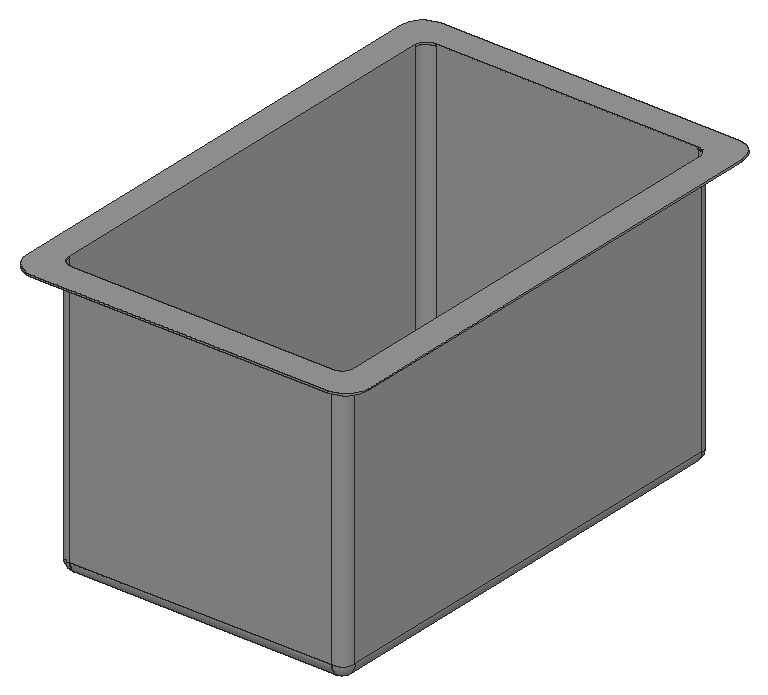
Revit family "BUILDMAT-SNGM021-Jeeves-300-Gunmetal", category Plumbing Fixtures, host Face, Revit 2020
Family settings
  Host = Face
  Round Connector Dimension = Use Diameter
  Part Type = Normal
  Cut with Voids When Loaded = No
  Shared = No
  Room Calculation Point = No
Parameters (values of type "Jeeves 300x450x250mm")
  Width = 250.0 mm
  Undermount [instance] = 0.0 mm
  URL = "https://www.buildmat.com.au/products/jeeves-300x450-skinny-butler-sink"
  Side Sound Pad = no
  Side Brackets = no
  Model = "SN101021"  # constant formula
  Middle Sound Pad = yes
  Middle Bracket = yes
  Manufacturer URL = "https://www.buildmat.com.au/"
  Manufacturer = "BUILDMAT"  # constant formula
  Length = 400.0 mm
  Description = "BUILDMAT - Jeeves 300x450 Single Bowl Sink"  # constant formula
  Depth = 250.0 mm
  Default Elevation = 1219.2 mm
  Created By URL = "https://www.buildmat.com.au/"
  Created By = "BUILDMAT"  # constant formula
  Created = "22.06.2022"  # constant formula
  Material = BUILDMAT Gunmetal
Reference planes
  plane 1 "Center (Front/Back)": y = 0
  plane 2: z = 0
  plane 3 "Center (Left/Right)": x = 0
  plane 4 "Top Substrate": z = 0
  plane 5 "Left": x = -125
  plane 6 "Right": x = 125
  plane 7 "Back": y = 200
  plane 8 "Front": y = -200
  plane 9: x = -150
  plane 10: x = 150
  plane 11: y = -225
  plane 12: y = 225
  plane 13 "Bottom Void": z = -250
  plane 14: z = 1.5
  plane 15: x = -126.5
  plane 16: y = -201.5
  plane 17: x = 126.5
  plane 18: y = 201.5
  plane 19: z = -240
  plane 20: z = -230
  plane 21: x = -115
  plane 22: x = 115
  plane 23: y = -190
  plane 24: y = 190
  plane 25: z = -245
  plane 26: z = -241.5
  plane 27: z = -246.5
  plane 28: x = -100
  plane 29: x = 100
  plane 30 "Sound Pad": z = -130
  plane 31 "Front Bracket": y = -100
  plane 32 "Back Bracket": y = 100
  plane 33: x = -25
  plane 34: x = 25
  plane 35: x = -57
  plane 36: x = 57
  plane 37: x = -45
  plane 38: x = 45
Forms (mm)
  Extrusion 1, void
    sketch origin (0, 0, 0) x (1, 0, 0) y (0, 1, 0)
      loop
        arc (-115, 200) -> (-122.071, 197.071) -> (-125, 190) r 10
        line (-125, 190) -> (-125, -190)
        arc (-125, -190) -> (-122.071, -197.071) -> (-115, -200) r 10
        line (-115, -200) -> (115, -200)
        arc (115, -200) -> (122.071, -197.071) -> (125, -190) r 10
        line (125, -190) -> (125, 190)
        arc (125, 190) -> (122.071, 197.071) -> (115, 200) r 10
        line (115, 200) -> (-115, 200)
    from 0 to 1.5
  Extrusion 2, void
    sketch origin (0, 0, 0) x (1, 0, 0) y (0, 1, 0)
      loop
        line (-126.5, 201.5) -> (-126.5, -201.5) -> (126.5, -201.5) -> (126.5, 201.5) -> (-126.5, 201.5)
    from 0 to -250
  Extrusion 3, void
    sketch origin (0, 0, 0) x (1, 0, 0) y (0, 1, 0)
      loop
        arc (-130, 225) -> (-144.142, 219.142) -> (-150, 205) r 20
        line (-150, 205) -> (-150, -205)
        arc (-150, -205) -> (-144.142, -219.142) -> (-130, -225) r 20
        line (-130, -225) -> (130, -225)
        arc (130, -225) -> (144.142, -219.142) -> (150, -205) r 20
        line (150, -205) -> (150, 205)
        arc (150, 205) -> (144.142, 219.142) -> (130, 225) r 20
        line (130, 225) -> (-130, 225)
    from 1.5 to 0
  Extrusion 4, solid, material "BUILDMAT Gunmetal" <- "Material"
    sketch origin (0, 0, 0) x (-1, 0, 0) y (0, -1, 0)
      loop
        arc (130, -225) -> (144.142, -219.142) -> (150, -205) r 20
        line (150, -205) -> (150, 205)
        arc (150, 205) -> (144.142, 219.142) -> (130, 225) r 20
        line (130, 225) -> (-130, 225)
        arc (-130, 225) -> (-144.142, 219.142) -> (-150, 205) r 20
        line (-150, 205) -> (-150, -205)
        arc (-150, -205) -> (-144.142, -219.142) -> (-130, -225) r 20
        line (-130, -225) -> (130, -225)
      loop
        arc (115, -200) -> (122.071, -197.071) -> (125, -190) r 10
        line (125, -190) -> (125, 190)
        arc (125, 190) -> (122.071, 197.071) -> (115, 200) r 10
        line (115, 200) -> (-115, 200)
        arc (-115, 200) -> (-122.071, 197.071) -> (-125, 190) r 10
        line (-125, 190) -> (-125, -190)
        arc (-125, -190) -> (-122.071, -197.071) -> (-115, -200) r 10
        line (-115, -200) -> (115, -200)
    from 0 to 1.5
  Extrusion 5, solid, material "BUILDMAT Gunmetal" <- "Material"
    sketch origin (0, 0, 0) x (-1, 0, 0) y (0, -1, 0)
      loop
        arc (115, -201.5) -> (123.132, -198.132) -> (126.5, -190) r 11.5
        line (126.5, -190) -> (126.5, 190)
        arc (126.5, 190) -> (123.132, 198.132) -> (115, 201.5) r 11.5
        line (115, 201.5) -> (-115, 201.5)
        arc (-115, 201.5) -> (-123.132, 198.132) -> (-126.5, 190) r 11.5
        line (-126.5, 190) -> (-126.5, -190)
        arc (-126.5, -190) -> (-123.132, -198.132) -> (-115, -201.5) r 11.5
        line (-115, -201.5) -> (115, -201.5)
      loop
        arc (-115, 200) -> (-122.071, 197.071) -> (-125, 190) r 10
        line (-125, 190) -> (-125, -190)
        arc (-125, -190) -> (-122.071, -197.071) -> (-115, -200) r 10
        line (-115, -200) -> (115, -200)
        arc (115, -200) -> (122.071, -197.071) -> (125, -190) r 10
        line (125, -190) -> (125, 190)
        arc (125, 190) -> (122.071, 197.071) -> (115, 200) r 10
        line (115, 200) -> (-115, 200)
    from 0 to -230
  Revolve 6, solid, material "BUILDMAT Gunmetal" <- "Material"
    sketch origin (-175.162, 190, 1219.2) x (-1, 0, 0) y (0, 0, 1)
      loop
        line (-300.162, -1449.2) -> (-301.662, -1449.2)
        arc (-301.662, -1449.2) -> (-298.293, -1457.332) -> (-290.162, -1460.7) r 11.5
        line (-290.162, -1460.7) -> (-290.162, -1459.2)
        arc (-290.162, -1459.2) -> (-297.233, -1456.271) -> (-300.162, -1449.2) r 10
      axis (-290.162, -1460.7) -> (-290.162, -1449.2)
    angle from 0 to -90
  Revolve 7, solid, material "BUILDMAT Gunmetal" <- "Material"
    sketch origin (-175.162, 190, 1219.2) x (-1, 0, 0) y (0, 0, 1)
      loop
        arc (-50.162, -1449.2) -> (-53.091, -1456.271) -> (-60.162, -1459.2) r 10
        line (-60.162, -1459.2) -> (-60.162, -1460.7)
        arc (-60.162, -1460.7) -> (-52.03, -1457.332) -> (-48.662, -1449.2) r 11.5
        line (-48.662, -1449.2) -> (-50.162, -1449.2)
      axis (-60.162, -1449.2) -> (-60.162, -1460.7)
    angle from 0 to -90
  Revolve 8, solid, material "BUILDMAT Gunmetal" <- "Material"
    sketch origin (-175.162, -190, 1219.2) x (-1, 0, 0) y (0, 0, 1)
      loop
        arc (-50.162, -1449.2) -> (-53.091, -1456.271) -> (-60.162, -1459.2) r 10
        line (-60.162, -1459.2) -> (-60.162, -1460.7)
        arc (-60.162, -1460.7) -> (-52.03, -1457.332) -> (-48.662, -1449.2) r 11.5
        line (-48.662, -1449.2) -> (-50.162, -1449.2)
      axis (-60.162, -1449.2) -> (-60.162, -1460.7)
    angle from 0 to 90
  Revolve 9, solid, material "BUILDMAT Gunmetal" <- "Material"
    sketch origin (-175.162, -190, 1219.2) x (-1, 0, 0) y (0, 0, 1)
      loop
        line (-300.162, -1449.2) -> (-301.662, -1449.2)
        arc (-301.662, -1449.2) -> (-298.293, -1457.332) -> (-290.162, -1460.7) r 11.5
        line (-290.162, -1460.7) -> (-290.162, -1459.2)
        arc (-290.162, -1459.2) -> (-297.233, -1456.271) -> (-300.162, -1449.2) r 10
      axis (-290.162, -1449.2) -> (-290.162, -1460.7)
    angle from 0 to 90
  Extrusion 10, solid, material "BUILDMAT Gunmetal" <- "Material"
    sketch origin (0, 0, 0) x (1, 0, 0) y (0, 0, 1)
      loop
        line (-125, -230) -> (-126.5, -230)
        arc (-126.5, -230) -> (-123.132, -238.132) -> (-115, -241.5) r 11.5
        line (-115, -241.5) -> (-115, -240)
        arc (-115, -240) -> (-122.071, -237.071) -> (-125, -230) r 10
    from -190 to 190
  Extrusion 11, solid, material "BUILDMAT Gunmetal" <- "Material"
    sketch origin (0, 0, 0) x (1, 0, 0) y (0, 0, 1)
      loop
        arc (125, -230) -> (122.071, -237.071) -> (115, -240) r 10
        line (115, -240) -> (115, -241.5)
        arc (115, -241.5) -> (123.132, -238.132) -> (126.5, -230) r 11.5
        line (126.5, -230) -> (125, -230)
    from -190 to 190
  Extrusion 12, solid, material "BUILDMAT Gunmetal" <- "Material"
    sketch origin (0, 0, 0) x (0, 1, 0) y (0, 0, 1)
      loop
        arc (200, -230) -> (197.071, -237.071) -> (190, -240) r 10
        line (190, -240) -> (190, -241.5)
        arc (190, -241.5) -> (198.132, -238.132) -> (201.5, -230) r 11.5
        line (201.5, -230) -> (200, -230)
    from -115 to 115
  Extrusion 13, solid, material "BUILDMAT Gunmetal" <- "Material"
    sketch origin (0, 0, 0) x (0, 1, 0) y (0, 0, 1)
      loop
        line (-200, -230) -> (-201.5, -230)
        arc (-201.5, -230) -> (-198.132, -238.132) -> (-190, -241.5) r 11.5
        line (-190, -241.5) -> (-190, -240)
        arc (-190, -240) -> (-197.071, -237.071) -> (-200, -230) r 10
    from -115 to 115
  Revolve 14, solid, material "BUILDMAT Gunmetal" <- "Material"
    sketch origin (0, 0, 0) x (1, 0, 0) y (0, 0, 1)
      loop
        line (-45, -250) -> (-45, -248.5)
        spline (-45, -248.5) -> (-46.484, -248.459) -> (-47.939, -248.339) -> (-49.337, -248.141) -> (-50.649, -247.871) -> (-51.848, -247.537) -> (-52.908, -247.151) -> (-53.805, -246.726) -> (-54.514, -246.283) -> (-55.023, -245.856) -> (-55.329, -245.483) -> (-55.468, -245.202) -> (-55.5, -245)
        line (-55.5, -245) -> (-57, -245)
        spline (-57, -245) -> (-56.897, -245.653) -> (-56.591, -246.294) -> (-56.087, -246.913) -> (-55.392, -247.5) -> (-54.52, -248.044) -> (-53.485, -248.536) -> (-52.305, -248.967) -> (-51, -249.33) -> (-49.592, -249.619) -> (-48.106, -249.83) -> (-46.566, -249.957) -> (-45, -250)
      axis (0, -245) -> (0, -250)
    angle from 0 to 360
  Blend 15, solid, material "BUILDMAT Gunmetal" <- "Material"
    base sketch origin (0, 0, 0) x (-1, 0, 0) y (0, -1, 0)
      loop
        circle (0, 0) r 57
    top sketch origin (0, 0, 0) x (-1, 0, 0) y (0, -1, 0)
      loop
        line (115, -190) -> (115, 190) -> (-115, 190) -> (-115, -190) -> (115, -190)
    from -246.5 to -241.5
  Blend 16, void
    base sketch origin (0, 0, 0) x (-1, 0, 0) y (0, -1, 0)
      loop
        circle (0, 0) r 57
    top sketch origin (0, 0, 0) x (-1, 0, 0) y (0, -1, 0)
      loop
        line (115, -190) -> (115, 190) -> (-115, 190) -> (-115, -190) -> (115, -190)
    from -245 to -240
  Extrusion 17, solid, material "BUILDMAT Gunmetal" <- "Material"
    sketch origin (0, 0, 0) x (-1, 0, 0) y (0, -1, 0)
      loop
        line (115, -190) -> (115, 190) -> (-115, 190) -> (-115, -190) -> (115, -190)
    from -241.5 to -240
  Extrusion 18, void
    sketch origin (0, 0, 0) x (-1, 0, 0) y (0, -1, 0)
      loop
        circle (0, 0) r 57
    from -250 to -230
Cuts and joins
  joined: Extrusion 4, Extrusion 5
  joined: Revolve 6, Revolve 9
  joined: Revolve 7, Revolve 8
  Blend 16, Extrusion 18 cuts Blend 15
  Blend 16, Extrusion 18 cuts Extrusion 17
  joined: Blend 15, Extrusion 17
Lines and regions (mm)
  Masking region 1
    outline origin (0, 0, 0) x (1, 0, 0) y (0, 0, 1)
      loop
        line (125, 0) -> (-125, 0) -> (-125, -230)
        arc (-125, -230) -> (-122.071, -237.071) -> (-115, -240) r 10
        line (-115, -240) -> (-57, -245) -> (57, -245) -> (115, -240)
        arc (115, -240) -> (122.071, -237.071) -> (125, -230) r 10
        line (125, -230) -> (125, 0)
  Masking region 2
    outline origin (0, 0, 0) x (1, 0, 0) y (0, 0, 1)
      loop
        line (-100, -242.793) -> (-100, -250) -> (-57, -250) -> (-57, -246.5) -> (-100, -242.793)
  Masking region 3
    outline origin (0, 0, 0) x (1, 0, 0) y (0, 0, 1)
      loop
        line (57, -246.5) -> (57, -250) -> (100, -250) -> (100, -242.793) -> (57, -246.5)
Text (mm)
  text "Refer to www.buildmat.com.au for the most current product literature. \nAllow a +/- 5mm tolerance for dimensions shown in the product literature. \nPlease note product details are subject to change due to ongoing product development." at (0.056, -1035.857, 0), in view "Ref. Level"
Dimensions and locks
  "Undermount": plane 2 to plane 4 "Top Substrate"
  equal spacing: plane 5 "Left", plane 3 "Center (Left/Right)", plane 6 "Right"
  "Width": plane 5 "Left" to plane 6 "Right"
  "Length": plane 7 "Back" to plane 8 "Front"
  equal spacing: plane 7 "Back", plane 1 "Center (Front/Back)", plane 8 "Front"
  locked: plane 12 to plane 7 "Back" at 25
  locked: plane 8 "Front" to plane 11 at 25
  locked: plane 9 to plane 5 "Left" at 25
  locked: plane 6 "Right" to plane 10 at 25
  "Depth": plane 4 "Top Substrate" to plane 13 "Bottom Void"
  locked: plane 14 to plane 4 "Top Substrate" at 1.5
  locked: plane 18 to plane 7 "Back" at 1.5
  locked: plane 8 "Front" to plane 16 at 1.5
  plane 15 to plane 5 "Left" = 1.5 mm
  plane 6 "Right" to plane 17 = 1.5 mm
  plane 20 to plane 19 to plane 13 "Bottom Void" = 10.0 mm, 10.0 mm
  locked: plane 5 "Left" to plane 21 at 10
  locked: plane 22 to plane 6 "Right" at 10
  locked: plane 7 "Back" to plane 24 at 10
  locked: plane 23 to plane 8 "Front" at 10
  locked: plane 19 to plane 26 at 1.5
  locked: plane 25 to plane 13 "Bottom Void" at 5
  locked: plane 25 to plane 27 at 1.5
  plane 29 to plane 3 "Center (Left/Right)" to plane 28 = 100.0 mm locked, 100.0 mm locked
  locked: plane 30 "Sound Pad" to plane 13 "Bottom Void" at 120
  locked: plane 7 "Back" to plane 32 "Back Bracket" at 100
  locked: plane 31 "Front Bracket" to plane 8 "Front" at 100
  locked: plane 33 to plane 5 "Left" at 100
  locked: plane 6 "Right" to plane 34 at 100
  equal spacing: plane 3 "Center (Left/Right)", nested 15, plane 33
  equal spacing: plane 34, nested 16, plane 3 "Center (Left/Right)"
  plane 37 to plane 3 "Center (Left/Right)" to plane 38 = 45.0 mm locked, 45.0 mm locked
  plane 35 to plane 3 "Center (Left/Right)" to plane 36 = 57.0 mm locked, 57.0 mm locked
  aligned and locked: plane 2 to host face
  aligned and locked: level to host face
  aligned and locked: plane 8 "Front" to Extrusion 1 sketch curve
  aligned and locked: Extrusion 1 sketch curve to plane 7 "Back"
  aligned and locked: plane 5 "Left" to Extrusion 1 sketch curve
  aligned and locked: Extrusion 1 sketch curve to plane 6 "Right"
  aligned and locked: plane 2 to Extrusion 1
  aligned and locked: Extrusion 1 to plane 14
  aligned and locked: plane 16 to Extrusion 2 sketch curve
  aligned and locked: Extrusion 2 sketch curve to plane 18
  aligned and locked: plane 15 to Extrusion 2 sketch curve
  aligned and locked: plane 17 to Extrusion 2 sketch curve
  aligned and locked: Extrusion 2 to plane 13 "Bottom Void"
  aligned and locked: plane 4 "Top Substrate" to Extrusion 2
  aligned and locked: plane 11 to Extrusion 3 sketch curve
  aligned and locked: plane 9 to Extrusion 3 sketch curve
  aligned and locked: Extrusion 3 sketch curve to plane 10
  aligned and locked: Extrusion 3 sketch curve to plane 12
  aligned and locked: Extrusion 3 to plane 4 "Top Substrate"
  aligned and locked: plane 14 to Extrusion 3
  aligned and locked: plane 11 to Extrusion 4 sketch curve
  aligned and locked: Extrusion 4 sketch curve to plane 12
  aligned and locked: plane 9 to Extrusion 4 sketch curve
  aligned and locked: Extrusion 4 sketch curve to plane 10
  aligned and locked: plane 5 "Left" to Extrusion 4 sketch curve
  aligned and locked: Extrusion 4 sketch curve to plane 6 "Right"
  aligned and locked: Extrusion 4 sketch curve to plane 7 "Back"
  aligned and locked: plane 8 "Front" to Extrusion 4 sketch curve
  aligned and locked: Extrusion 5 sketch curve to plane 7 "Back"
  aligned and locked: plane 5 "Left" to Extrusion 5 sketch curve
  aligned and locked: Extrusion 5 sketch curve to plane 6 "Right"
  aligned and locked: plane 8 "Front" to Extrusion 5 sketch curve
  aligned and locked: plane 15 to Extrusion 5 sketch curve
  aligned and locked: plane 16 to Extrusion 5 sketch curve
  aligned and locked: plane 17 to Extrusion 5 sketch curve
  aligned and locked: Extrusion 5 sketch curve to plane 18
  aligned and locked: Extrusion 5 to plane 20
  aligned and locked: plane 4 "Top Substrate" to Extrusion 5
  aligned and locked: Extrusion 11 to plane 23
  aligned and locked: plane 24 to Extrusion 11
  aligned and locked: plane 24 to Extrusion 10
  aligned and locked: Extrusion 10 to plane 23
  aligned and locked: Extrusion 13 to plane 21
  aligned and locked: plane 22 to Extrusion 13
  aligned and locked: plane 22 to Extrusion 12
  aligned and locked: Extrusion 12 to plane 21
  aligned and locked: plane 21 to Blend 15 sketch curve
  aligned and locked: Blend 15 sketch curve to plane 22
  aligned and locked: plane 23 to Blend 15 sketch curve
  aligned and locked: Blend 15 sketch curve to plane 24
  aligned and locked: plane 27 to Blend 15
  aligned and locked: plane 26 to Blend 15
  aligned and locked: Blend 16 sketch curve to plane 24
  aligned and locked: plane 21 to Blend 16 sketch curve
  aligned and locked: Blend 16 sketch curve to plane 22
  aligned and locked: plane 23 to Blend 16 sketch curve
  aligned and locked: Blend 16 to plane 25
  aligned and locked: plane 19 to Blend 16
  aligned and locked: Extrusion 17 sketch curve to plane 24
  aligned and locked: plane 23 to Extrusion 17 sketch curve
  aligned and locked: plane 21 to Extrusion 17 sketch curve
  aligned and locked: Extrusion 17 sketch curve to plane 22
  aligned and locked: Extrusion 17 to plane 26
  aligned and locked: plane 19 to Extrusion 17
  aligned and locked: Extrusion 18 to plane 13 "Bottom Void"
  aligned and locked: plane 20 to Extrusion 18
  aligned and locked: cut or joined group of Blend 15, Blend 16, Extrusion 17, Extrusion 18 to Masking region 2 sketch curve
  aligned and locked: Masking region 3 sketch curve to cut or joined group of Blend 15, Blend 16, Extrusion 17, Extrusion 18
  aligned and locked: plane 3 "Center (Left/Right)" to nested 1
  aligned and locked: nested 1 to plane 4 "Top Substrate"
  aligned and locked: plane 3 "Center (Left/Right)" to nested 2
  aligned and locked: nested 2 to plane 30 "Sound Pad"
  aligned and locked: nested 3 to plane 18
  aligned and locked: plane 3 "Center (Left/Right)" to nested 3
  aligned and locked: plane 16 to nested 4
  aligned and locked: nested 4 to plane 3 "Center (Left/Right)"
  aligned and locked: plane 31 "Front Bracket" to nested 6
  aligned and locked: plane 15 to nested 6
  aligned and locked: nested 8 to plane 31 "Front Bracket"
  aligned and locked: plane 17 to nested 8
  aligned and locked: nested 7 to plane 32 "Back Bracket"
  aligned and locked: plane 17 to nested 7
  aligned and locked: plane 32 "Back Bracket" to nested 5
  aligned and locked: plane 15 to nested 5
  aligned and locked: nested 9 to plane 4 "Top Substrate"
  aligned and locked: nested 9 to plane 33
  aligned and locked: nested 10 to plane 4 "Top Substrate"
  aligned and locked: nested 10 to plane 34
  aligned and locked: nested 13 to plane 33
  aligned and locked: nested 14 to plane 34
  aligned and locked: plane 16 to nested 13
  aligned and locked: plane 16 to nested 14
  aligned and locked: plane 33 to nested 11
  aligned and locked: nested 11 to plane 18
  aligned and locked: plane 34 to nested 12
  aligned and locked: nested 12 to plane 18
  aligned and locked: nested 15 to plane 30 "Sound Pad"
  aligned and locked: nested 16 to plane 30 "Sound Pad"
  aligned and locked: plane 23 to nested 17
  aligned and locked: plane 24 to nested 17
  aligned and locked: plane 22 to nested 17
  aligned and locked: plane 21 to nested 17
  aligned and locked: plane 3 "Center (Left/Right)" to nested 18
  aligned and locked: plane 1 "Center (Front/Back)" to nested 18
  aligned and locked: plane 4 "Top Substrate" to Masking region 1
Automatic sketch dimensions
  host sketch curve to host sketch curve = 2438.4 mm  (x2)
  plane 5 "Left" to Extrusion 1 sketch curve = 10.0 mm  (x2)
  Extrusion 1 sketch curve to plane 6 "Right" = 10.0 mm  (x2)
  Extrusion 4 sketch curve to plane 10 = 20.0 mm  (x2)
  Extrusion 4 sketch curve to Extrusion 4 sketch curve = 10.0 mm  (x2)
  plane 5 "Left" to Extrusion 4 sketch curve = 10.0 mm
  plane 9 to Extrusion 4 sketch curve = 20.0 mm
  plane 8 "Front" to Extrusion 4 sketch curve = 10.0 mm
  plane 11 to Extrusion 4 sketch curve = 20.0 mm
  Extrusion 3 sketch curve to plane 5 "Left" = 5.0 mm
  plane 6 "Right" to Extrusion 3 sketch curve = 5.0 mm  (x2)
  plane 7 "Back" to Extrusion 3 sketch curve = 5.0 mm
  plane 5 "Left" to Extrusion 5 sketch curve = 10.0 mm
  Extrusion 5 sketch curve to plane 6 "Right" = 10.0 mm
  plane 8 "Front" to Extrusion 5 sketch curve = 10.0 mm
  Extrusion 5 sketch curve to plane 7 "Back" = 10.0 mm
  Extrusion 5 sketch curve to Extrusion 5 sketch curve = 0.0 mm  (x4)
  Revolve 6 sketch curve to Revolve 6 sketch curve = 0.0 mm  (x3)
  plane 17 to Revolve 6 sketch curve = 0.0 mm
  Revolve 6 sketch curve to plane 6 "Right" = 0.0 mm
  Revolve 6 sketch curve to plane 22 = 0.0 mm  (x2)
  Revolve 6 sketch curve to plane 19 = 0.0 mm
  Revolve 6 sketch curve to plane 20 = 0.0 mm
  Revolve 7 sketch curve to Revolve 7 sketch curve = 0.0 mm  (x3)
  Revolve 7 sketch curve to plane 20 = 0.0 mm  (x2)
  Revolve 7 sketch curve to plane 21 = 0.0 mm  (x2)
  Revolve 7 sketch curve to plane 5 "Left" = 0.0 mm
  Revolve 7 sketch curve to plane 15 = 0.0 mm
  Revolve 8 sketch curve to Revolve 8 sketch curve = 0.0 mm  (x3)
  Revolve 8 sketch curve to plane 20 = 0.0 mm  (x2)
  Revolve 8 sketch curve to plane 21 = 0.0 mm  (x2)
  Revolve 8 sketch curve to plane 5 "Left" = 0.0 mm
  Revolve 8 sketch curve to plane 15 = 0.0 mm
  Revolve 9 sketch curve to Revolve 9 sketch curve = 0.0 mm  (x3)
  plane 17 to Revolve 9 sketch curve = 0.0 mm
  Revolve 9 sketch curve to plane 6 "Right" = 0.0 mm
  Revolve 9 sketch curve to plane 22 = 0.0 mm  (x2)
  Revolve 9 sketch curve to plane 20 = 0.0 mm
  Revolve 9 sketch curve to plane 19 = 0.0 mm
  Extrusion 10 sketch curve to plane 15 = 0.0 mm
  Extrusion 10 sketch curve to plane 5 "Left" = 0.0 mm
  Extrusion 10 sketch curve to plane 19 = 0.0 mm
  Extrusion 10 sketch curve to plane 21 = 0.0 mm
  Extrusion 11 sketch curve to plane 20 = 0.0 mm
  Extrusion 11 sketch curve to plane 22 = 0.0 mm
  Extrusion 11 sketch curve to plane 6 "Right" = 0.0 mm
  plane 17 to Extrusion 11 sketch curve = 0.0 mm
  Extrusion 12 sketch curve to plane 20 = 0.0 mm
  Extrusion 12 sketch curve to plane 24 = 0.0 mm
  Extrusion 12 sketch curve to plane 7 "Back" = 0.0 mm
  Extrusion 12 sketch curve to plane 18 = 0.0 mm
  Extrusion 13 sketch curve to plane 16 = 0.0 mm
  Extrusion 13 sketch curve to plane 8 "Front" = 0.0 mm
  Extrusion 13 sketch curve to plane 23 = 0.0 mm
  Extrusion 13 sketch curve to plane 19 = 0.0 mm
  Revolve 14 sketch curve to plane 25 = 0.0 mm
  Revolve 14 sketch curve to plane 13 "Bottom Void" = 0.0 mm  (x2)
  Revolve 14 sketch curve to plane 3 "Center (Left/Right)" = 0.0 mm
  Revolve 14 sketch curve to plane 20 = 0.0 mm
  Revolve 14 sketch curve to plane 3 "Center (Left/Right)" = 45.0 mm
  Revolve 14 sketch curve to Revolve 14 sketch curve = 10.5 mm
  Revolve 14 sketch curve to Revolve 14 sketch curve = 1.5 mm  (x2)
  Revolve 14 sketch curve to Revolve 14 sketch curve = 0.0 mm
  plane 1 "Center (Front/Back)" to Blend 15 sketch curve = 0.0 mm
  Blend 15 sketch curve to plane 3 "Center (Left/Right)" = 0.0 mm
  plane 1 "Center (Front/Back)" to Blend 16 sketch curve = 0.0 mm
  Blend 16 sketch curve to plane 3 "Center (Left/Right)" = 0.0 mm
  plane 1 "Center (Front/Back)" to Extrusion 18 sketch curve = 0.0 mm
  Extrusion 18 sketch curve to plane 3 "Center (Left/Right)" = 0.0 mm
  Masking region 1 sketch curve to level = 0.0 mm
  Masking region 1 sketch curve to plane 20 = 0.0 mm
  Masking region 1 sketch curve to plane 21 = 0.0 mm
  Masking region 1 sketch curve to plane 25 = 0.0 mm
  Masking region 1 sketch curve to plane 3 "Center (Left/Right)" = 57.0 mm
  plane 3 "Center (Left/Right)" to Masking region 1 sketch curve = 57.0 mm
  Masking region 1 sketch curve to plane 19 = 0.0 mm
  Masking region 1 sketch curve to plane 22 = 0.0 mm
  Masking region 1 sketch curve to plane 6 "Right" = 0.0 mm
  Masking region 1 sketch curve to plane 5 "Left" = 0.0 mm
  Masking region 2 sketch curve to plane 28 = 0.0 mm
  Masking region 2 sketch curve to plane 13 "Bottom Void" = 0.0 mm
  Masking region 2 sketch curve to plane 27 = 0.0 mm
  Masking region 3 sketch curve to plane 27 = 0.0 mm
  Masking region 3 sketch curve to plane 13 "Bottom Void" = 0.0 mm
  Masking region 3 sketch curve to plane 29 = 0.0 mm
  radius of Blend 15 sketch curve = 57.0 mm
  radius of Blend 16 sketch curve = 57.0 mm
  radius of Extrusion 18 sketch curve = 57.0 mm
Nested families
  nested 1: "TMB_Front" at (0, 0, 0) x (1, 0, 0) z (0, -1, 0), visible <- "Middle Bracket", type "TMB_Front"
  nested 2: "SP_Front" at (0, 0, -130) x (1, 0, 0) z (0, -1, 0), visible <- "Middle Sound Pad", type "SP_Front"
  nested 3: "TMB_Plan" at (0, 201.5, 0), visible <- "Middle Bracket", type "TMB_Plan"
  nested 4: "TMB_Plan" at (0, -201.5, 0) x (-1, 0, 0) z (0, 0, 1), visible <- "Middle Bracket", type "TMB_Plan"
  nested 5: "TMB_Plan" at (-126.5, 100, 0) x (0, 1, 0) z (0, 0, 1), type "TMB_Plan"
  nested 6: "TMB_Plan" at (-126.5, -100, 0) x (0, 1, 0) z (0, 0, 1), type "TMB_Plan"
  nested 7: "TMB_Plan" at (126.5, 100, 0) x (0, -1, 0) z (0, 0, 1), type "TMB_Plan"
  nested 8: "TMB_Plan" at (126.5, -100, 0) x (0, -1, 0) z (0, 0, 1), type "TMB_Plan"
  nested 9: "TMB_Front" at (-25, 0, 0) x (1, 0, 0) z (0, -1, 0), visible <- "Side Brackets", type "TMB_Front"
  nested 10: "TMB_Front" at (25, 0, 0) x (1, 0, 0) z (0, -1, 0), visible <- "Side Brackets", type "TMB_Front"
  nested 11: "TMB_Plan" at (-25, 201.5, 0), visible <- "Side Brackets", type "TMB_Plan"
  nested 12: "TMB_Plan" at (25, 201.5, 0), visible <- "Side Brackets", type "TMB_Plan"
  nested 13: "TMB_Plan" at (-25, -201.5, 0) x (-1, 0, 0) z (0, 0, 1), visible <- "Side Brackets", type "TMB_Plan"
  nested 14: "TMB_Plan" at (25, -201.5, 0) x (-1, 0, 0) z (0, 0, 1), visible <- "Side Brackets", type "TMB_Plan"
  nested 15: "SP_Front" at (-12.5, 0, -130) x (1, 0, 0) z (0, -1, 0), visible <- "Side Sound Pad", type "SP_Front"
  nested 16: "SP_Front" at (12.5, 0, -130) x (1, 0, 0) z (0, -1, 0), visible <- "Side Sound Pad", type "SP_Front"
  nested 17: "BOWL Plan" at (0, 0, -130), type "BOWL Plan"
    with Width 230.0 mm, Lenght 380.0 mm
  nested 18: "DRAIN" at (0, 0, 0), type "DRAIN"
Definition of nested family "TMB_Front"
  Reference planes
    plane 1 "Center (Elevation)": y = 0
    plane 2: z = 0
    plane 3 "Center (Left/Right)": x = 0
  Lines and regions (mm)
    Masking region 1, in view "Ref. Level"
      outline origin (0, 0, 0) x (1, 0, 0) y (0, 1, 0)
        loop
          line (-17.5, 0) -> (-17.5, -80) -> (17.5, -80) -> (17.5, 0) -> (-17.5, 0)
    detail lines, in view "Ref. Level"
      curve 1: line (-17.5, 0, 0) -> (-17.5, -80, 0)
      curve 2: line (-17.5, -80, 0) -> (17.5, -80, 0)
      curve 3: line (17.5, -80, 0) -> (17.5, 0, 0)
      curve 4: line (-12.5, -50, 0) -> (12.5, -50, 0)
      curve 5: line (-12.5, -75, 0) -> (-12.5, -50, 0)
      curve 6: line (12.5, -75, 0) -> (-12.5, -75, 0)
      curve 7: line (12.5, -50, 0) -> (12.5, -75, 0)
Definition of nested family "SP_Front"
  Reference planes
    plane 1 "Center (Elevation)": y = 0
    plane 2: z = 0
    plane 3 "Center (Left/Right)": x = 0
  Lines and regions (mm)
    Masking region 1, in view "Ref. Level"
      outline origin (0, 0, 0) x (1, 0, 0) y (0, 1, 0)
        loop
          arc (-50, 40) -> (-57.071, 37.071) -> (-60, 30) r 10
          line (-60, 30) -> (-60, -30)
          arc (-60, -30) -> (-57.071, -37.071) -> (-50, -40) r 10
          line (-50, -40) -> (50, -40)
          arc (50, -40) -> (57.071, -37.071) -> (60, -30) r 10
          line (60, -30) -> (60, 30)
          arc (60, 30) -> (57.071, 37.071) -> (50, 40) r 10
          line (50, 40) -> (-50, 40)
    detail lines, in view "Ref. Level"
      curve 1: line (-50, 40, 0) -> (50, 40, 0)
      curve 2: line (50, -40, 0) -> (-50, -40, 0)
      curve 3: line (60, 30, 0) -> (60, -30, 0)
      curve 4: line (-60, 30, 0) -> (-60, -30, 0)
      curve 5: arc (-50, 40, 0) -> (-57.071, 37.071, 0) -> (-60, 30, 0) r 10
      curve 6: arc (-60, -30, 0) -> (-57.071, -37.071, 0) -> (-50, -40, 0) r 10
      curve 7: arc (50, -40, 0) -> (57.071, -37.071, 0) -> (60, -30, 0) r 10
      curve 8: arc (60, 30, 0) -> (57.071, 37.071, 0) -> (50, 40, 0) r 10
  Dimensions and locks
    aligned and locked: Masking region 1 sketch curve to curve 1
    aligned and locked: Masking region 1 sketch curve to curve 4
    aligned and locked: Masking region 1 sketch curve to curve 2
    aligned and locked: Masking region 1 sketch curve to curve 3
Definition of nested family "TMB_Plan"
  Reference planes
    plane 1 "Center (Front/Back)": y = 0
    plane 2: z = 0
    plane 3 "Center (Left/Right)": x = 0
  Lines and regions (mm)
    detail lines, in view "Ref. Level"
      curve 1: line (-17.5, 0, 0) -> (17.5, 0, 0)
      curve 2: line (17.5, 0, 0) -> (17.5, 5, 0)
      curve 3: line (17.5, 5, 0) -> (12.5, 5, 0)
      curve 4: line (-17.5, 0, 0) -> (-17.5, 5, 0)
      curve 5: line (-17.5, 5, 0) -> (-12.5, 5, 0)
Definition of nested family "BOWL Plan"
  Parameters (values of type "BOWL Plan")
    Width [instance] = 600.0 mm
    Lenght [instance] = 400.0 mm
  Reference planes
    plane 1 "Center (Front/Back)": y = 0
    plane 2: z = 0
    plane 3 "Center (Left/Right)": x = 0
    plane 4 "Left": x = -300
    plane 5 "Right": x = 300
    plane 6 "Back": y = 200
    plane 7 "Front": y = -200
  Lines and regions (mm)
    Masking region 1, in view "Ref. Level"
      outline origin (0, 0, 0) x (1, 0, 0) y (0, 1, 0)
        loop
          line (-300, 200) -> (-300, -200) -> (300, -200) -> (300, 200) -> (-300, 200)
    detail lines, in view "Ref. Level"
      curve 1: line (-300, 200, 0) -> (300, -200, 0)
      curve 2: line (-300, -200, 0) -> (300, 200, 0)
  Dimensions and locks
    equal spacing: plane 6 "Back", plane 1 "Center (Front/Back)", plane 7 "Front"
    "Lenght": plane 6 "Back" to plane 7 "Front"
    equal spacing: plane 4 "Left", plane 3 "Center (Left/Right)", plane 5 "Right"
    "Width": plane 4 "Left" to plane 5 "Right"
    aligned and locked: plane 4 "Left" to Masking region 1 sketch curve
    aligned and locked: Masking region 1 sketch curve to plane 5 "Right"
    aligned and locked: plane 7 "Front" to Masking region 1 sketch curve
    aligned and locked: Masking region 1 sketch curve to plane 6 "Back"
  Automatic sketch dimensions
    curve 2 to plane 4 "Left" = 0.0 mm
    curve 1 to plane 4 "Left" = 0.0 mm
    curve 2 to plane 5 "Right" = 0.0 mm
    curve 1 to plane 5 "Right" = 0.0 mm
    curve 1 to plane 7 "Front" = 0.0 mm
    curve 2 to plane 7 "Front" = 0.0 mm
    curve 2 to plane 6 "Back" = 0.0 mm
    curve 1 to plane 6 "Back" = 0.0 mm
Definition of nested family "DRAIN"
  Reference planes
    plane 1 "Center (Front/Back)": y = 0
    plane 2: z = 0
    plane 3 "Center (Left/Right)": x = 0
  Lines and regions (mm)
    Masking region 1, in view "Ref. Level"
      outline origin (0, 0, 0) x (1, 0, 0) y (0, 1, 0)
        loop
          circle (0, 0) r 57
    detail lines, in view "Ref. Level"
      curve 1: circle (0, 0, 0) r 45 normal (0, 0, 1)
      curve 2: circle (0, 0, 0) r 55.5 normal (0, 0, 1)
